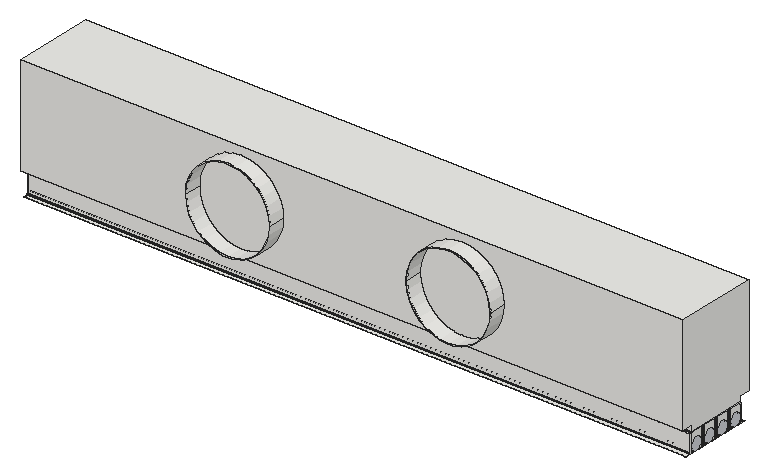
Revit family "SAL 50", category Air Terminals, Revit 2017
Family settings
  Round Connector Dimension = Use Diameter
  Part Type = Normal
  Work Plane-Based = No
  Always vertical = Yes
  Cut with Voids When Loaded = No
  Shared = No
  Room Calculation Point = No
Parameters (values of type "1950_4-reihig mit Anschlusskasten")
  Δp (Pa) 2 = if(Index Reihig = 1, "21/31/42", if(Index Reihig = 2, "18/25/36", if(Index Reihig = 3, "16/22/31", "14/20/28")))  # "14/20/28"
  Δp (Pa) 1 = if(Index Reihig = 1, "18/25/38", if(Index Reihig = 2, "15/22/30", if(Index Reihig = 3, "13/19/27", "11/17/24")))  # "11/17/24"
  y (m) = if(Index Reihig = 1, "1.6/2.1/2.6", if(Index Reihig = 2, "2.3/2.8/3.6", if(Index Reihig = 3, "2.7/3.4/4.3", "3.0/3.8/4.7")))  # "3.0/3.8/4.7"
  x krit (m) = if(Index Reihig = 1, "8.4/10.6/13.8", if(Index Reihig = 2, "11.6/14.8/>15.0", if(Index Reihig = 3, "13.6/>15.0/>15.0", "15.0/>15.0/>15.0")))  # "15.0/>15.0/>15.0"
  Vo ( m³/hm) 2 = if(Index Reihig = 1, "165/200/240", if(Index Reihig = 2, "300/360/440", if(Index Reihig = 3, "420/510/600", "520/640/760")))  # "520/640/760"
  Vo ( m³/hm) 1 = if(Index Reihig = 1, "170/205/250", if(Index Reihig = 2, "300/375/445", if(Index Reihig = 3, "430/520/630", "540/660/790")))  # "540/660/790"
  Visible 4 Reihig = yes
  Visible 3 Reihig = no
  Visible 2 Stutzen = yes
  Visible 2 Reihig = no
  Visible 1 Stutzen = no
  Visible 1 Reihig = no
  Stutzen (Stk.) = if(Index = 1, "1", "2")  # "2"
  Mindest-abstand (m) = if(Index Reihig = 1, "8.3/>15.0/>15.0", if(Index Reihig = 2, "15.0/>15.0/>15.0", if(Index Reihig = 3, "15.0/>15.0/>15.0", "15.0/>15.0/>15.0")))  # "15.0/>15.0/>15.0"
  Min Flow = 0.0 L/s
  Maß Ø D1 = Maß Ø D - 2.0 mm  # 246.0 mm
  Maß M = if(Index Reihig = 1, 75.0 mm, if(Index Reihig = 2, 121.0 mm, if(Index Reihig = 3, 168.0 mm, 215.0 mm)))  # 215.0 mm
  Maß K = if(Index Reihig = 1, 51.0 mm, if(Index Reihig = 2, 97.0 mm, if(Index Reihig = 3, 144.0 mm, 190.0 mm)))  # 190.0 mm
  Maß H = if(Index Reihig = 1, 277.0 mm, if(Index Reihig = 2, 317.0 mm, if(Index Reihig = 3, 341.0 mm, 367.0 mm)))  # 367.0 mm
  Maß F = if(Index Reihig = 1, 48.0 mm, if(Index Reihig = 2, 94.0 mm, if(Index Reihig = 3, 141.0 mm, 187.0 mm)))  # 187.0 mm
  Maß E = if(Index Reihig = 1, 38.4 mm, if(Index Reihig = 2, 85.0 mm, if(Index Reihig = 3, 131.6 mm, 178.2 mm)))  # 178.2 mm
  Maß Ø D = if(Index Reihig = 1, 158.0 mm, if(Index Reihig = 2, 198.0 mm, if(Index Reihig = 3, 222.0 mm, 248.0 mm)))  # 248.0 mm
  Maß C = if(Index Reihig = 1, 75.0 mm, if(Index Reihig = 2, 75.0 mm, if(Index Reihig = 3, 75.0 mm, 75.0 mm)))  # 75.0 mm
  Maß B = if(Index Reihig = 1, 101.0 mm, if(Index Reihig = 2, 148.0 mm, if(Index Reihig = 3, 194.0 mm, 241.0 mm)))  # 241.0 mm
  Maß A = if(Index Reihig = 1, 58.5 mm, if(Index Reihig = 2, 58.5 mm, if(Index Reihig = 3, 58.5 mm, 58.5 mm)))  # 58.5 mm
  Max Flow = 0.0 L/s
  Lw dB(A) = if(Index Reihig = 1, "30/35/40", if(Index Reihig = 2, "30/35/40", if(Index Reihig = 3, "30/35/40", "30/35/40")))  # "30/35/40"
  L = if(Index L = 1, 600.0 mm, if(Index L = 2, 750.0 mm, if(Index L = 3, 900.0 mm, if(Index L = 4, 1050.0 mm, if(Index L = 5, 1200.0 mm, if(Index L = 6, 1350.0 mm, if(Index L = 7, 1500.0 mm, if(Index L = 8, 1650.0 mm, if(Index L = 9, 1800.0 mm, 1950.0 mm)))))))))  # 1950.0 mm
  Product material = RAL 9016
  Index Reihig = 4
  Index L = 10
  Index = 2
  Gewicht (g/m) = if(Index Reihig = 1, "5607", if(Index Reihig = 2, "8293", if(Index Reihig = 3, "10549", "13135")))  # "13135"
Types (40, lengths in mm): name | Δp (Pa) 2 | Δp (Pa) 1 | y (m) | x krit (m) | Vo ( m³/hm) 2 | Vo ( m³/hm) 1 | Visible 4 Reihig | Visible 3 Reihig | Visible 2 Stutzen | Visible 2 Reihig | Visible 1 Stutzen | Visible 1 Reihig | Stutzen (Stk.) | Mindest-abstand (m) | Maß Ø D1 | Maß M | Maß K | Maß H | Maß F | Maß E | Maß Ø D | Maß B | L | Index Reihig | Index L | Index | Gewicht (g/m)
  600_1-reihig mit Anschlusskasten | "21/31/42" | "18/25/38" | "1.6/2.1/2.6" | "8.4/10.6/13.8" | "165/200/240" | "170/205/250" | no | no | no | no | yes | yes | "1" | "8.3/>15.0/>15.0" | 156.0 | 75.0 | 51.0 | 277.0 | 48.0 | 38.4 | 158.0 | 101.0 | 600.0 | 1 | 1 | 1 | "5607"
  750_1-reihig mit Anschlusskasten | "21/31/42" | "18/25/38" | "1.6/2.1/2.6" | "8.4/10.6/13.8" | "165/200/240" | "170/205/250" | no | no | no | no | yes | yes | "1" | "8.3/>15.0/>15.0" | 156.0 | 75.0 | 51.0 | 277.0 | 48.0 | 38.4 | 158.0 | 101.0 | 750.0 | 1 | 2 | 1 | "5607"
  900_1-reihig mit Anschlusskasten | "21/31/42" | "18/25/38" | "1.6/2.1/2.6" | "8.4/10.6/13.8" | "165/200/240" | "170/205/250" | no | no | no | no | yes | yes | "1" | "8.3/>15.0/>15.0" | 156.0 | 75.0 | 51.0 | 277.0 | 48.0 | 38.4 | 158.0 | 101.0 | 900.0 | 1 | 3 | 1 | "5607"
  1050_1-reihig mit Anschlusskasten | "21/31/42" | "18/25/38" | "1.6/2.1/2.6" | "8.4/10.6/13.8" | "165/200/240" | "170/205/250" | no | no | no | no | yes | yes | "1" | "8.3/>15.0/>15.0" | 156.0 | 75.0 | 51.0 | 277.0 | 48.0 | 38.4 | 158.0 | 101.0 | 1050.0 | 1 | 4 | 1 | "5607"
  1200_1-reihig mit Anschlusskasten | "21/31/42" | "18/25/38" | "1.6/2.1/2.6" | "8.4/10.6/13.8" | "165/200/240" | "170/205/250" | no | no | no | no | yes | yes | "1" | "8.3/>15.0/>15.0" | 156.0 | 75.0 | 51.0 | 277.0 | 48.0 | 38.4 | 158.0 | 101.0 | 1200.0 | 1 | 5 | 1 | "5607"
  1350_1-reihig mit Anschlusskasten | "21/31/42" | "18/25/38" | "1.6/2.1/2.6" | "8.4/10.6/13.8" | "165/200/240" | "170/205/250" | no | no | no | no | yes | yes | "1" | "8.3/>15.0/>15.0" | 156.0 | 75.0 | 51.0 | 277.0 | 48.0 | 38.4 | 158.0 | 101.0 | 1350.0 | 1 | 6 | 1 | "5607"
  1500_1-reihig mit Anschlusskasten | "21/31/42" | "18/25/38" | "1.6/2.1/2.6" | "8.4/10.6/13.8" | "165/200/240" | "170/205/250" | no | no | no | no | yes | yes | "1" | "8.3/>15.0/>15.0" | 156.0 | 75.0 | 51.0 | 277.0 | 48.0 | 38.4 | 158.0 | 101.0 | 1500.0 | 1 | 7 | 1 | "5607"
  1650_1-reihig mit Anschlusskasten | "21/31/42" | "18/25/38" | "1.6/2.1/2.6" | "8.4/10.6/13.8" | "165/200/240" | "170/205/250" | no | no | yes | no | no | yes | "2" | "8.3/>15.0/>15.0" | 156.0 | 75.0 | 51.0 | 277.0 | 48.0 | 38.4 | 158.0 | 101.0 | 1650.0 | 1 | 8 | 2 | "5607"
  1800_1-reihig mit Anschlusskasten | "21/31/42" | "18/25/38" | "1.6/2.1/2.6" | "8.4/10.6/13.8" | "165/200/240" | "170/205/250" | no | no | yes | no | no | yes | "2" | "8.3/>15.0/>15.0" | 156.0 | 75.0 | 51.0 | 277.0 | 48.0 | 38.4 | 158.0 | 101.0 | 1800.0 | 1 | 9 | 2 | "5607"
  1950_1-reihig mit Anschlusskasten | "21/31/42" | "18/25/38" | "1.6/2.1/2.6" | "8.4/10.6/13.8" | "165/200/240" | "170/205/250" | no | no | yes | no | no | yes | "2" | "8.3/>15.0/>15.0" | 156.0 | 75.0 | 51.0 | 277.0 | 48.0 | 38.4 | 158.0 | 101.0 | 1950.0 | 1 | 10 | 2 | "5607"
  600_2-reihig mit Anschlusskasten | "18/25/36" | "15/22/30" | "2.3/2.8/3.6" | "11.6/14.8/>15.0" | "300/360/440" | "300/375/445" | no | no | no | yes | yes | no | "1" | "15.0/>15.0/>15.0" | 196.0 | 121.0 | 97.0 | 317.0 | 94.0 | 85.0 | 198.0 | 148.0 | 600.0 | 2 | 1 | 1 | "8293"
  600_3-reihig mit Anschlusskasten | "16/22/31" | "13/19/27" | "2.7/3.4/4.3" | "13.6/>15.0/>15.0" | "420/510/600" | "430/520/630" | no | yes | no | no | yes | no | "1" | "15.0/>15.0/>15.0" | 220.0 | 168.0 | 144.0 | 341.0 | 141.0 | 131.6 | 222.0 | 194.0 | 600.0 | 3 | 1 | 1 | "10549"
  600_4-reihig mit Anschlusskasten | "14/20/28" | "11/17/24" | "3.0/3.8/4.7" | "15.0/>15.0/>15.0" | "520/640/760" | "540/660/790" | yes | no | no | no | yes | no | "1" | "15.0/>15.0/>15.0" | 246.0 | 215.0 | 190.0 | 367.0 | 187.0 | 178.2 | 248.0 | 241.0 | 600.0 | 4 | 1 | 1 | "13135"
  750_2-reihig mit Anschlusskasten | "18/25/36" | "15/22/30" | "2.3/2.8/3.6" | "11.6/14.8/>15.0" | "300/360/440" | "300/375/445" | no | no | no | yes | yes | no | "1" | "15.0/>15.0/>15.0" | 196.0 | 121.0 | 97.0 | 317.0 | 94.0 | 85.0 | 198.0 | 148.0 | 750.0 | 2 | 2 | 1 | "8293"
  750_3-reihig mit Anschlusskasten | "16/22/31" | "13/19/27" | "2.7/3.4/4.3" | "13.6/>15.0/>15.0" | "420/510/600" | "430/520/630" | no | yes | no | no | yes | no | "1" | "15.0/>15.0/>15.0" | 220.0 | 168.0 | 144.0 | 341.0 | 141.0 | 131.6 | 222.0 | 194.0 | 750.0 | 3 | 2 | 1 | "10549"
  750_4-reihig mit Anschlusskasten | "14/20/28" | "11/17/24" | "3.0/3.8/4.7" | "15.0/>15.0/>15.0" | "520/640/760" | "540/660/790" | yes | no | no | no | yes | no | "1" | "15.0/>15.0/>15.0" | 246.0 | 215.0 | 190.0 | 367.0 | 187.0 | 178.2 | 248.0 | 241.0 | 750.0 | 4 | 2 | 1 | "13135"
  900_2-reihig mit Anschlusskasten | "18/25/36" | "15/22/30" | "2.3/2.8/3.6" | "11.6/14.8/>15.0" | "300/360/440" | "300/375/445" | no | no | no | yes | yes | no | "1" | "15.0/>15.0/>15.0" | 196.0 | 121.0 | 97.0 | 317.0 | 94.0 | 85.0 | 198.0 | 148.0 | 900.0 | 2 | 3 | 1 | "8293"
  900_3-reihig mit Anschlusskasten | "16/22/31" | "13/19/27" | "2.7/3.4/4.3" | "13.6/>15.0/>15.0" | "420/510/600" | "430/520/630" | no | yes | no | no | yes | no | "1" | "15.0/>15.0/>15.0" | 220.0 | 168.0 | 144.0 | 341.0 | 141.0 | 131.6 | 222.0 | 194.0 | 900.0 | 3 | 3 | 1 | "10549"
  900_4-reihig mit Anschlusskasten | "14/20/28" | "11/17/24" | "3.0/3.8/4.7" | "15.0/>15.0/>15.0" | "520/640/760" | "540/660/790" | yes | no | no | no | yes | no | "1" | "15.0/>15.0/>15.0" | 246.0 | 215.0 | 190.0 | 367.0 | 187.0 | 178.2 | 248.0 | 241.0 | 900.0 | 4 | 3 | 1 | "13135"
  1050_2-reihig mit Anschlusskasten | "18/25/36" | "15/22/30" | "2.3/2.8/3.6" | "11.6/14.8/>15.0" | "300/360/440" | "300/375/445" | no | no | no | yes | yes | no | "1" | "15.0/>15.0/>15.0" | 196.0 | 121.0 | 97.0 | 317.0 | 94.0 | 85.0 | 198.0 | 148.0 | 1050.0 | 2 | 4 | 1 | "8293"
  1050_3-reihig mit Anschlusskasten | "16/22/31" | "13/19/27" | "2.7/3.4/4.3" | "13.6/>15.0/>15.0" | "420/510/600" | "430/520/630" | no | yes | no | no | yes | no | "1" | "15.0/>15.0/>15.0" | 220.0 | 168.0 | 144.0 | 341.0 | 141.0 | 131.6 | 222.0 | 194.0 | 1050.0 | 3 | 4 | 1 | "10549"
  1050_4-reihig mit Anschlusskasten | "14/20/28" | "11/17/24" | "3.0/3.8/4.7" | "15.0/>15.0/>15.0" | "520/640/760" | "540/660/790" | yes | no | no | no | yes | no | "1" | "15.0/>15.0/>15.0" | 246.0 | 215.0 | 190.0 | 367.0 | 187.0 | 178.2 | 248.0 | 241.0 | 1050.0 | 4 | 4 | 1 | "13135"
  1200_2-reihig mit Anschlusskasten | "18/25/36" | "15/22/30" | "2.3/2.8/3.6" | "11.6/14.8/>15.0" | "300/360/440" | "300/375/445" | no | no | no | yes | yes | no | "1" | "15.0/>15.0/>15.0" | 196.0 | 121.0 | 97.0 | 317.0 | 94.0 | 85.0 | 198.0 | 148.0 | 1200.0 | 2 | 5 | 1 | "8293"
  1200_3-reihig mit Anschlusskasten | "16/22/31" | "13/19/27" | "2.7/3.4/4.3" | "13.6/>15.0/>15.0" | "420/510/600" | "430/520/630" | no | yes | no | no | yes | no | "1" | "15.0/>15.0/>15.0" | 220.0 | 168.0 | 144.0 | 341.0 | 141.0 | 131.6 | 222.0 | 194.0 | 1200.0 | 3 | 5 | 1 | "10549"
  1200_4-reihig mit Anschlusskasten | "14/20/28" | "11/17/24" | "3.0/3.8/4.7" | "15.0/>15.0/>15.0" | "520/640/760" | "540/660/790" | yes | no | no | no | yes | no | "1" | "15.0/>15.0/>15.0" | 246.0 | 215.0 | 190.0 | 367.0 | 187.0 | 178.2 | 248.0 | 241.0 | 1200.0 | 4 | 5 | 1 | "13135"
  1350_2-reihig mit Anschlusskasten | "18/25/36" | "15/22/30" | "2.3/2.8/3.6" | "11.6/14.8/>15.0" | "300/360/440" | "300/375/445" | no | no | no | yes | yes | no | "1" | "15.0/>15.0/>15.0" | 196.0 | 121.0 | 97.0 | 317.0 | 94.0 | 85.0 | 198.0 | 148.0 | 1350.0 | 2 | 6 | 1 | "8293"
  1350_3-reihig mit Anschlusskasten | "16/22/31" | "13/19/27" | "2.7/3.4/4.3" | "13.6/>15.0/>15.0" | "420/510/600" | "430/520/630" | no | yes | no | no | yes | no | "1" | "15.0/>15.0/>15.0" | 220.0 | 168.0 | 144.0 | 341.0 | 141.0 | 131.6 | 222.0 | 194.0 | 1350.0 | 3 | 6 | 1 | "10549"
  1350_4-reihig mit Anschlusskasten | "14/20/28" | "11/17/24" | "3.0/3.8/4.7" | "15.0/>15.0/>15.0" | "520/640/760" | "540/660/790" | yes | no | no | no | yes | no | "1" | "15.0/>15.0/>15.0" | 246.0 | 215.0 | 190.0 | 367.0 | 187.0 | 178.2 | 248.0 | 241.0 | 1350.0 | 4 | 6 | 1 | "13135"
  1500_2-reihig mit Anschlusskasten | "18/25/36" | "15/22/30" | "2.3/2.8/3.6" | "11.6/14.8/>15.0" | "300/360/440" | "300/375/445" | no | no | no | yes | yes | no | "1" | "15.0/>15.0/>15.0" | 196.0 | 121.0 | 97.0 | 317.0 | 94.0 | 85.0 | 198.0 | 148.0 | 1500.0 | 2 | 7 | 1 | "8293"
  1500_3-reihig mit Anschlusskasten | "16/22/31" | "13/19/27" | "2.7/3.4/4.3" | "13.6/>15.0/>15.0" | "420/510/600" | "430/520/630" | no | yes | no | no | yes | no | "1" | "15.0/>15.0/>15.0" | 220.0 | 168.0 | 144.0 | 341.0 | 141.0 | 131.6 | 222.0 | 194.0 | 1500.0 | 3 | 7 | 1 | "10549"
  1500_4-reihig mit Anschlusskasten | "14/20/28" | "11/17/24" | "3.0/3.8/4.7" | "15.0/>15.0/>15.0" | "520/640/760" | "540/660/790" | yes | no | no | no | yes | no | "1" | "15.0/>15.0/>15.0" | 246.0 | 215.0 | 190.0 | 367.0 | 187.0 | 178.2 | 248.0 | 241.0 | 1500.0 | 4 | 7 | 1 | "13135"
  1650_2-reihig mit Anschlusskasten | "18/25/36" | "15/22/30" | "2.3/2.8/3.6" | "11.6/14.8/>15.0" | "300/360/440" | "300/375/445" | no | no | yes | yes | no | no | "2" | "15.0/>15.0/>15.0" | 196.0 | 121.0 | 97.0 | 317.0 | 94.0 | 85.0 | 198.0 | 148.0 | 1650.0 | 2 | 8 | 2 | "8293"
  1650_3-reihig mit Anschlusskasten | "16/22/31" | "13/19/27" | "2.7/3.4/4.3" | "13.6/>15.0/>15.0" | "420/510/600" | "430/520/630" | no | yes | yes | no | no | no | "2" | "15.0/>15.0/>15.0" | 220.0 | 168.0 | 144.0 | 341.0 | 141.0 | 131.6 | 222.0 | 194.0 | 1650.0 | 3 | 8 | 2 | "10549"
  1650_4-reihig mit Anschlusskasten | "14/20/28" | "11/17/24" | "3.0/3.8/4.7" | "15.0/>15.0/>15.0" | "520/640/760" | "540/660/790" | yes | no | yes | no | no | no | "2" | "15.0/>15.0/>15.0" | 246.0 | 215.0 | 190.0 | 367.0 | 187.0 | 178.2 | 248.0 | 241.0 | 1650.0 | 4 | 8 | 2 | "13135"
  1800_2-reihig mit Anschlusskasten | "18/25/36" | "15/22/30" | "2.3/2.8/3.6" | "11.6/14.8/>15.0" | "300/360/440" | "300/375/445" | no | no | yes | yes | no | no | "2" | "15.0/>15.0/>15.0" | 196.0 | 121.0 | 97.0 | 317.0 | 94.0 | 85.0 | 198.0 | 148.0 | 1800.0 | 2 | 9 | 2 | "8293"
  1800_3-reihig mit Anschlusskasten | "16/22/31" | "13/19/27" | "2.7/3.4/4.3" | "13.6/>15.0/>15.0" | "420/510/600" | "430/520/630" | no | yes | yes | no | no | no | "2" | "15.0/>15.0/>15.0" | 220.0 | 168.0 | 144.0 | 341.0 | 141.0 | 131.6 | 222.0 | 194.0 | 1800.0 | 3 | 9 | 2 | "10549"
  1800_4-reihig mit Anschlusskasten | "14/20/28" | "11/17/24" | "3.0/3.8/4.7" | "15.0/>15.0/>15.0" | "520/640/760" | "540/660/790" | yes | no | yes | no | no | no | "2" | "15.0/>15.0/>15.0" | 246.0 | 215.0 | 190.0 | 367.0 | 187.0 | 178.2 | 248.0 | 241.0 | 1800.0 | 4 | 9 | 2 | "13135"
  1950_2-reihig mit Anschlusskasten | "18/25/36" | "15/22/30" | "2.3/2.8/3.6" | "11.6/14.8/>15.0" | "300/360/440" | "300/375/445" | no | no | yes | no | no | yes | "2" | "15.0/>15.0/>15.0" | 196.0 | 121.0 | 97.0 | 317.0 | 94.0 | 85.0 | 198.0 | 148.0 | 1950.0 | 2 | 10 | 2 | "8293"
  1950_3-reihig mit Anschlusskasten | "16/22/31" | "13/19/27" | "2.7/3.4/4.3" | "13.6/>15.0/>15.0" | "420/510/600" | "430/520/630" | no | yes | yes | no | no | no | "2" | "15.0/>15.0/>15.0" | 220.0 | 168.0 | 144.0 | 341.0 | 141.0 | 131.6 | 222.0 | 194.0 | 1950.0 | 3 | 10 | 2 | "10549"
  1950_4-reihig mit Anschlusskasten | "14/20/28" | "11/17/24" | "3.0/3.8/4.7" | "15.0/>15.0/>15.0" | "520/640/760" | "540/660/790" | yes | no | yes | no | no | no | "2" | "15.0/>15.0/>15.0" | 246.0 | 215.0 | 190.0 | 367.0 | 187.0 | 178.2 | 248.0 | 241.0 | 1950.0 | 4 | 10 | 2 | "13135"
Reference planes
  plane 1 "Center (Front/Back)": y = 0
  plane 2: z = 0
  plane 3 "Center (Left/Right)": x = 0
  plane 4: x = -975
  plane 5: x = 975
  plane 6: z = -292
  plane 7: z = -367
  plane 8: z = -146
  plane 9: y = -120.5
  plane 10: y = 120.5
Forms (mm)
  Sweep 1, solid, material "RAL 9016" <- "Product material"
    path origin (0, 0, 0) x (1, 0, 0) y (0, 1, 0)
      loop
        line (-975, 0) -> (975, 0)
    profile "Profiles : Profiles" origin (0, 0, 0) x (0, 1, 0) y (0, 0, 1)
      loop
        line (120.5, 0) -> (-120.5, 0) -> (-120.5, -292) -> (-89.1, -292) -> (-89.1, -308.5) -> (89.1, -308.5) -> (89.1, -292) -> (120.5, -292) -> (120.5, 0)
  Sweep 2, solid, material "RAL 9016" <- "Product material"
    path origin (0, 0, 0) x (1, 0, 0) y (0, 1, 0)
      loop
        line (-975, 0) -> (975, 0)
    profile "Profiles 1 : Profiles 1" origin (0, 0, 0) x (0, 1, 0) y (0, 0, 1)
      loop
        line (-89.1, -308.5) -> (-89.1, -312.5) -> (-93.5, -312.5) -> (-93.5, -363) -> (-95, -363) -> (-95, -366) -> (-107.5, -366) -> (-107.5, -367) -> (-86.05, -367) -> (-86.05, -366) -> (-92.5, -366) -> (-92.5, -313.5) -> (-88.1, -313.5) -> (-88.1, -309.5) -> (88.1, -309.5) -> (88.1, -313.5) -> (92.5, -313.5) -> (92.5, -366) -> (86.05, -366) -> (86.05, -367) -> (107.5, -367) -> (107.5, -366) -> (95, -366) -> (95, -363) -> (93.5, -363) -> (93.5, -312.5) -> (89.1, -312.5) -> (89.1, -308.5) -> (-89.1, -308.5)
  Extrusion 3, solid, material "RAL 9016" <- "Product material"
    sketch origin (975, 0, 0) x (0, 0, 1) y (0, -1, 0)
      loop
        line (-313.5, 92.5) -> (-366, 92.5) -> (-366, -92.5) -> (-313.5, -92.5) -> (-313.5, -88.1) -> (-309.5, -88.1) -> (-309.5, 88.1) -> (-313.5, 88.1) -> (-313.5, 92.5)
    from 0 to -1
  Extrusion 4, solid, material "RAL 9016" <- "Product material"
    sketch origin (-975, 0, 0) x (0, -1, 0) y (0, 0, 1)
      loop
        line (-92.5, -313.5) -> (-92.5, -366) -> (92.5, -366) -> (92.5, -313.5) -> (88.1, -313.5) -> (88.1, -309.5) -> (-88.1, -309.5) -> (-88.1, -313.5) -> (-92.5, -313.5)
    from 0 to -1
  Sweep 5, solid, visible <- "Visible 3 Reihig"
    path origin (0, 0, 0) x (1, 0, 0) y (0, 1, 0)
      loop
        line (-975, 0) -> (975, 0)
    profile origin (0, 0, 0) x (0, 1, 0) y (0, 0, 1)
      loop
        circle (0, -322) r 18
      loop
        circle (49, -322) r 18
      loop
        line (28.475, -283.5) -> (27.475, -283.5) -> (27.475, -340) -> (21.475, -340) -> (21.475, -283.5) -> (20.475, -283.5) -> (20.475, -340) -> (14.025, -340) -> (14.025, -341) -> (34.925, -341) -> (34.925, -340) -> (28.475, -340) -> (28.475, -283.5)
      loop
        circle (-49, -322) r 18
      loop
        line (-28.475, -283.5) -> (-28.475, -340) -> (-34.925, -340) -> (-34.925, -341) -> (-14.025, -341) -> (-14.025, -340) -> (-20.475, -340) -> (-20.475, -283.5) -> (-21.475, -283.5) -> (-21.475, -340) -> (-27.475, -340) -> (-27.475, -283.5) -> (-28.475, -283.5)
  Sweep 6, solid, visible <- "Visible 1 Reihig"
    path origin (0, 0, 0) x (1, 0, 0) y (0, 1, 0)
      loop
        line (-975, 0) -> (975, 0)
    profile origin (0, 0, 0) x (0, 1, 0) y (0, 0, 1)
      loop
        circle (0, -258) r 18
  Sweep 7, solid, visible <- "Visible 2 Reihig"
    path origin (0, 0, 0) x (1, 0, 0) y (0, 1, 0)
      loop
        line (975, 0) -> (-975, 0)
    profile origin (0, 0, 0) x (0, -1, 0) y (0, 0, 1)
      loop
        line (-3, -259.5) -> (-4, -259.5) -> (-4, -316) -> (-10.45, -316) -> (-10.45, -317) -> (10.45, -317) -> (10.45, -316) -> (4, -316) -> (4, -259.5) -> (3, -259.5) -> (3, -316) -> (-3, -316) -> (-3, -259.5)
      loop
        circle (-25, -298) r 18
      loop
        circle (25, -298) r 18
  Sweep 8, solid, visible <- "Visible 4 Reihig"
    path origin (0, 0, 0) x (1, 0, 0) y (0, 1, 0)
      loop
        line (-975, 0) -> (975, 0)
    profile origin (0, 0, 0) x (0, 1, 0) y (0, 0, 1)
      loop
        line (52, -309.5) -> (51, -309.5) -> (51, -366) -> (45, -366) -> (45, -309.5) -> (44, -309.5) -> (44, -366) -> (37.55, -366) -> (37.55, -367) -> (58.45, -367) -> (58.45, -366) -> (52, -366) -> (52, -309.5)
      loop
        line (4, -309.5) -> (3, -309.5) -> (3, -366) -> (-3, -366) -> (-3, -309.5) -> (-4, -309.5) -> (-4, -366) -> (-10.45, -366) -> (-10.45, -367) -> (10.45, -367) -> (10.45, -366) -> (4, -366) -> (4, -309.5)
      loop
        circle (72, -348) r 18
      loop
        circle (24, -348) r 18
      loop
        line (-52, -309.5) -> (-52, -366) -> (-58.45, -366) -> (-58.45, -367) -> (-37.55, -367) -> (-37.55, -366) -> (-44, -366) -> (-44, -309.5) -> (-45, -309.5) -> (-45, -366) -> (-51, -366) -> (-51, -309.5) -> (-52, -309.5)
      loop
        circle (-72, -348) r 18
      loop
        circle (-24, -348) r 18
Dimensions and locks
  equal spacing: plane 4, plane 3 "Center (Left/Right)", plane 5
  "L": plane 4 to plane 5
  "Maß H": level to plane 7
  "Maß C": plane 6 to plane 7
  equal spacing: level, plane 8, plane 6
  equal spacing: plane 10, plane 1 "Center (Front/Back)", plane 9
  "Maß B": plane 9 to plane 10
  aligned and locked: plane 1 "Center (Front/Back)" to Sweep 1 sketch curve
  aligned and locked: plane 1 "Center (Front/Back)" to Sweep 2 sketch curve
  aligned and locked: Extrusion 3 sketch curve to Sweep 2  (x8)
  aligned and locked: Extrusion 4 sketch curve to Sweep 2  (x7)
  aligned and locked: Extrusion 4 sketch curve to Extrusion 4 sketch curve
  aligned and locked: plane 1 "Center (Front/Back)" to Sweep 5 sketch curve
  aligned and locked: plane 1 "Center (Front/Back)" to Sweep 6 sketch curve
  aligned and locked: Sweep 7 sketch curve to plane 1 "Center (Front/Back)"
  aligned and locked: plane 1 "Center (Front/Back)" to Sweep 8 sketch curve
Automatic sketch dimensions
  profile plane to Sweep 6 sketch curve = 0.0 mm
  Sweep 6 sketch curve to level = 258.0 mm
  profile plane to Sweep 7 sketch curve = 25.0 mm
  profile plane to Sweep 7 sketch curve = 10.45 mm
  profile plane to Sweep 7 sketch curve = 4.0 mm
  Sweep 7 sketch curve to Sweep 7 sketch curve = 1.0 mm  (x3)
  Sweep 7 sketch curve to profile plane = 3.0 mm
  Sweep 7 sketch curve to Sweep 7 sketch curve = 6.45 mm
  Sweep 7 sketch curve to Sweep 7 sketch curve = 14.55 mm
  Sweep 7 sketch curve to level = 317.0 mm
  Sweep 7 sketch curve to Sweep 7 sketch curve = 0.0 mm  (x3)
  Sweep 7 sketch curve to Sweep 7 sketch curve = 18.0 mm  (x2)
  Sweep 7 sketch curve to Sweep 7 sketch curve = 38.5 mm
  Sweep 5 sketch curve to profile plane = 0.0 mm
  profile plane to Sweep 5 sketch curve = 14.025 mm
  profile plane to Sweep 5 sketch curve = 20.475 mm
  Sweep 5 sketch curve to Sweep 5 sketch curve = 1.0 mm  (x7)
  Sweep 5 sketch curve to Sweep 5 sketch curve = 6.0 mm  (x2)
  Sweep 5 sketch curve to Sweep 5 sketch curve = 6.45 mm  (x3)
  Sweep 5 sketch curve to Sweep 5 sketch curve = 14.075 mm  (x2)
  Sweep 5 sketch curve to profile plane = 14.025 mm
  Sweep 5 sketch curve to level = 341.0 mm
  Sweep 5 sketch curve to Sweep 5 sketch curve = 0.0 mm  (x7)
  Sweep 5 sketch curve to Sweep 5 sketch curve = 18.0 mm  (x3)
  Sweep 5 sketch curve to Sweep 5 sketch curve = 38.5 mm
  profile plane to Sweep 8 sketch curve = 72.0 mm
  Sweep 8 sketch curve to Sweep 8 sketch curve = 13.55 mm  (x5)
  Sweep 8 sketch curve to Sweep 8 sketch curve = 6.45 mm  (x5)
  Sweep 8 sketch curve to Sweep 8 sketch curve = 1.0 mm  (x11)
  Sweep 8 sketch curve to Sweep 8 sketch curve = 6.0 mm  (x2)
  profile plane to Sweep 8 sketch curve = 10.45 mm
  profile plane to Sweep 8 sketch curve = 4.0 mm
  Sweep 8 sketch curve to profile plane = 3.0 mm
  Sweep 8 sketch curve to level = 367.0 mm
  Sweep 8 sketch curve to Sweep 8 sketch curve = 0.0 mm  (x11)
  Sweep 8 sketch curve to Sweep 8 sketch curve = 18.0 mm  (x4)
  Sweep 8 sketch curve to Sweep 8 sketch curve = 38.5 mm
  Sweep 8 sketch curve to plane 4 = 0.0 mm
  Sweep 8 sketch curve to plane 5 = 0.0 mm
  Sweep 5 sketch curve to plane 5 = 0.0 mm
  Sweep 5 sketch curve to plane 4 = 0.0 mm
  Sweep 7 sketch curve to plane 4 = 0.0 mm
  Sweep 7 sketch curve to plane 5 = 0.0 mm
  Sweep 6 sketch curve to plane 4 = 0.0 mm
  Sweep 6 sketch curve to plane 5 = 0.0 mm
  Sweep 1 sketch curve to plane 4 = 0.0 mm
  Sweep 1 sketch curve to plane 5 = 0.0 mm
  Sweep 2 sketch curve to plane 5 = 0.0 mm
  Sweep 2 sketch curve to plane 4 = 0.0 mm
  radius of Sweep 6 sketch curve = 18.0 mm
  radius of Sweep 7 sketch curve = 18.0 mm  (x2)
  radius of Sweep 5 sketch curve = 18.0 mm  (x3)
  radius of Sweep 8 sketch curve = 18.0 mm  (x4)
Nested families
  nested 1: "1 Stutzen" at (0, 0, 0), visible <- "Visible 1 Stutzen", type "1 Stutzen"
    with Maß Ø D1 246.0 mm, Maß H 367.0 mm, Maß Ø D 248.0 mm, Maß C 75.0 mm, Maß B 241.0 mm, L 1950.0 mm
  nested 2: "2 Stutzen L" at (0, 0, 0), visible <- "Visible 2 Stutzen", type "2 Stutzen L"
    with Maß Ø D1 246.0 mm, Maß H 367.0 mm, Maß Ø D 248.0 mm, Maß C 75.0 mm, Maß B 241.0 mm, L 1950.0 mm
  nested 3: "2 Stutzen R" at (0, 0, 0), visible <- "Visible 2 Stutzen", type "2 Stutzen R"
    with Maß Ø D1 246.0 mm, Maß H 367.0 mm, Maß Ø D 248.0 mm, Maß C 75.0 mm, Maß B 241.0 mm, L 1950.0 mm
Connectors
  hvac at (0, -170.5, -146), driven by "Maß Ø D"
    settings: on nested 1, index 1, duct flow 0.0 L/s, flow factor 0, pres drop 0.0 Pa, loss coef 0, conn angle 0.00°, conn width 304.8 mm, conn height 304.8 mm, conn diameter 248 mm, duct sys type 1, conn prof type 0, flow config 0, flow direction 1, loss method 0, conn ref index -1, conn util no, is conn primary yes, conn desc ""
  hvac at (-325, -170.5, -146), driven by "Maß Ø D"
    settings: on nested 2, index 2, duct flow 0.0 L/s, flow factor 0, pres drop 0.0 Pa, loss coef 0, conn angle 0.00°, conn width 304.8 mm, conn height 304.8 mm, conn diameter 248 mm, duct sys type 1, conn prof type 0, flow config 0, flow direction 1, loss method 0, conn ref index -1, conn util no, is conn primary no, conn desc ""
  hvac at (325, -170.5, -146), driven by "Maß Ø D"
    settings: on nested 3, index 3, duct flow 0.0 L/s, flow factor 0, pres drop 0.0 Pa, loss coef 0, conn angle 0.00°, conn width 304.8 mm, conn height 304.8 mm, conn diameter 248 mm, duct sys type 1, conn prof type 0, flow config 0, flow direction 1, loss method 0, conn ref index -1, conn util no, is conn primary no, conn desc ""
Definition of nested family "1 Stutzen"
  Parameters (values of type "2 Stutzen")
    Min Flow = 0.0 L/s
    Maß Ø D1 = Maß Ø D - 2.0 mm  # 121.0 mm
    Maß H = 227.0 mm
    Maß Ø D = 123.0 mm
    Maß C = 60.0 mm
    Maß B = 184.0 mm
    Max Flow = 0.0 L/s
    L = 1600.0 mm
    Product material = none
  Reference planes
    plane 1 "Center (Front/Back)": y = 0
    plane 2: z = 0
    plane 3 "Center (Left/Right)": x = 0
    plane 4: x = -800
    plane 5: x = 800
    plane 6: z = -167
    plane 7: z = -227
    plane 8: z = -83.5
    plane 9: y = -92
    plane 10: y = 92
    plane 11: y = -142
  Forms (mm)
    Extrusion 1, solid
      sketch origin (0, 0, 0) x (1, 0, 0) y (0, 0, 1)
        loop
          circle (0, -83.5) r 61.5
        loop
          circle (0, -83.5) r 60.5
      from 92 to 142
  Dimensions and locks
    equal spacing: plane 4, plane 3 "Center (Left/Right)", plane 5
    "L": plane 4 to plane 5
    "Maß H": level to plane 7
    "Maß C": plane 6 to plane 7
    equal spacing: level, plane 8, plane 6
    equal spacing: plane 10, plane 1 "Center (Front/Back)", plane 9
    "Maß B": plane 9 to plane 10
    locked: plane 9 to plane 11 at 50
    "Maß Ø D": diameter of Extrusion 1 sketch curve
    "Maß Ø D1": diameter of Extrusion 1 sketch curve
    aligned and locked: Extrusion 1 to plane 11
    aligned and locked: plane 9 to Extrusion 1
  Automatic sketch dimensions
    Extrusion 1 sketch curve to Extrusion 1 sketch curve = 0.0 mm  (x2)
    Extrusion 1 sketch curve to plane 3 "Center (Left/Right)" = 0.0 mm
    Extrusion 1 sketch curve to plane 8 = 0.0 mm
Definition of nested family "2 Stutzen L"
  Parameters (values of type "2 Stutzen")
    Min Flow = 0.0 L/s
    Maß Ø D1 = Maß Ø D - 2.0 mm  # 121.0 mm
    Maß H = 227.0 mm
    Maß Ø D = 123.0 mm
    Maß C = 60.0 mm
    Maß B = 184.0 mm
    Max Flow = 0.0 L/s
    L = 1600.0 mm
    Product material = none
  Reference planes
    plane 1 "Center (Front/Back)": y = 0
    plane 2: z = 0
    plane 3 "Center (Left/Right)": x = 0
    plane 4: x = -800
    plane 5: x = 800
    plane 6: z = -167
    plane 7: z = -227
    plane 8: z = -83.5
    plane 9: y = -92
    plane 10: y = 92
    plane 11: y = -142
    plane 12: x = 266.667
    plane 13: x = -266.667
  Forms (mm)
    Extrusion 1, solid
      sketch origin (0, 0, 0) x (1, 0, 0) y (0, 0, 1)
        loop
          circle (-266.667, -83.5) r 61.5
        loop
          circle (-266.667, -83.5) r 60.5
      from 92 to 142
  Dimensions and locks
    equal spacing: plane 4, plane 3 "Center (Left/Right)", plane 5
    "L": plane 4 to plane 5
    "Maß H": level to plane 7
    "Maß C": plane 6 to plane 7
    equal spacing: level, plane 8, plane 6
    equal spacing: plane 10, plane 1 "Center (Front/Back)", plane 9
    "Maß B": plane 9 to plane 10
    locked: plane 9 to plane 11 at 50
    equal spacing: plane 5, plane 12, plane 13, plane 4
    "Maß Ø D": diameter of Extrusion 1 sketch curve
    "Maß Ø D1": diameter of Extrusion 1 sketch curve
    aligned and locked: Extrusion 1 to plane 11
    aligned and locked: plane 9 to Extrusion 1
  Automatic sketch dimensions
    Extrusion 1 sketch curve to Extrusion 1 sketch curve = 0.0 mm  (x2)
    Extrusion 1 sketch curve to plane 8 = 0.0 mm
    plane 13 to Extrusion 1 sketch curve = 0.0 mm
Definition of nested family "2 Stutzen R"
  Parameters (values of type "2 Stutzen")
    Min Flow = 0.0 L/s
    Maß Ø D1 = Maß Ø D - 2.0 mm  # 121.0 mm
    Maß H = 227.0 mm
    Maß Ø D = 123.0 mm
    Maß C = 60.0 mm
    Maß B = 184.0 mm
    Max Flow = 0.0 L/s
    L = 1600.0 mm
    Product material = none
  Reference planes
    plane 1 "Center (Front/Back)": y = 0
    plane 2: z = 0
    plane 3 "Center (Left/Right)": x = 0
    plane 4: x = -800
    plane 5: x = 800
    plane 6: z = -167
    plane 7: z = -227
    plane 8: z = -83.5
    plane 9: y = -92
    plane 10: y = 92
    plane 11: y = -142
    plane 12: x = 266.667
    plane 13: x = -266.667
  Forms (mm)
    Extrusion 1, solid
      sketch origin (0, 0, 0) x (1, 0, 0) y (0, 0, 1)
        loop
          circle (266.667, -83.5) r 61.5
        loop
          circle (266.667, -83.5) r 60.5
      from 92 to 142
  Dimensions and locks
    equal spacing: plane 4, plane 3 "Center (Left/Right)", plane 5
    "L": plane 4 to plane 5
    "Maß H": level to plane 7
    "Maß C": plane 6 to plane 7
    equal spacing: level, plane 8, plane 6
    equal spacing: plane 10, plane 1 "Center (Front/Back)", plane 9
    "Maß B": plane 9 to plane 10
    locked: plane 9 to plane 11 at 50
    equal spacing: plane 5, plane 12, plane 13, plane 4
    "Maß Ø D": diameter of Extrusion 1 sketch curve
    "Maß Ø D1": diameter of Extrusion 1 sketch curve
    aligned and locked: Extrusion 1 to plane 11
    aligned and locked: plane 9 to Extrusion 1
  Automatic sketch dimensions
    Extrusion 1 sketch curve to Extrusion 1 sketch curve = 0.0 mm  (x2)
    Extrusion 1 sketch curve to plane 8 = 0.0 mm
    Extrusion 1 sketch curve to plane 12 = 0.0 mm
